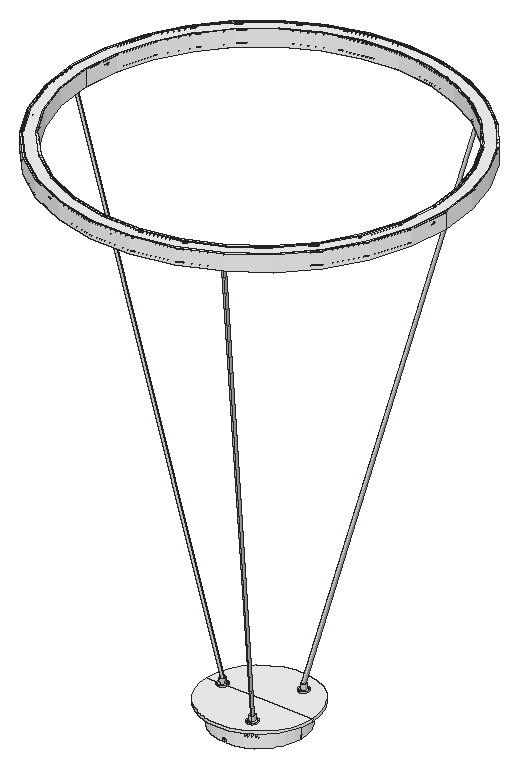
Revit family "(VRUD) Vicky RingUp & Downward Light Acoustic Light - ", category Lighting Fixtures, host Face, Revit 2020
Family settings
  Host = Face
  Round Connector Dimension = Use Diameter
  Part Type = Normal
  Cut with Voids When Loaded = No
  Light Source = Yes
  Shared = No
  Room Calculation Point = No
Parameters (values of type "VRUD-8035-40901-ACPMK-WH")
  Wattage Comments = "80 W"
  Wattage = 45.7783 W
  built-in parameter 1150110 = 1 (stored number, unit not read)
  Voltage = "120-277 V"  # constant formula
  URL = "https://www.abovealllighting.com/product/LED-INDOOR-FIXTURE/Ring/VRUDVickyRingUpDownwardAcousticLight.html"
  Type Comments = "Ring Up & Downward Light Acoustic Light"  # constant formula
  built-in parameter 1114217 = 1 (stored number, unit not read)
  Tilt Angle = -90.00°
  built-in parameter 1150109 = 1 (stored number, unit not read)
  built-in parameter 1150134 = 12
  built-in parameter 1150113 = 1 (stored number, unit not read)
  Power Factor = 1
  Photometric Web File = "VRUD-8035-40901.IES"
  Order number = "16328"
  Model = "VRUD-8035-40901-ACPMK-WH"
  Manufacturer = "Above All Lighting"  # constant formula
  built-in parameter 1150105 = 541.13 (stored number, unit not read)
  Lumens = 6800 lm
  built-in parameter 1150115 = 1 (stored number, unit not read)
  Load Classification = Lighting
  built-in parameter 1150137 = (empty or 0)
  built-in parameter 1150139 = (empty or 0)
  built-in parameter 1150112 = 1 (stored number, unit not read)
  built-in parameter 1150114 = 1 (stored number, unit not read)
  Inside Body Material = none
  Inside Body = no
  Inner Diameter = (Fixture Diameter / 2) - 0' 1 77/256"  # 1' - 4 51/128"
  built-in parameter 1150132 = 2
  built-in parameter 1150102 = (empty or 0)
  built-in parameter 1150107 = 4000 (stored number, unit not read)
  built-in parameter 1150138 = (empty or 0)
  built-in parameter 1150106 = 5.4113 (stored number, unit not read)
  IP Rating = "20"  # constant formula
  H2 = Fixture Height - Canopy Height - 0' 0 67/128"  # 3' - 9 61/128"
  H1 = sqrt((B2 ^ 2) + (H2 ^ 2))  # 3' - 11.5839"
  Fixture Width = 0' - 0"
  Fixture Height = 4' - 0"  # constant formula
  Fixture Diameter = 2' - 11 51/128"
  Finish/Color = Aluminum
  built-in parameter 1150104 = 13.8 (stored number, unit not read)
  Dimming Lamp Color Temperature Shift = <None>
  Dimming / Control = "0-10V"  # constant formula
  Description = "The Vicky Ring light is a unique ring-style light with an LED light source illuminating up & downward"  # constant formula
  Default Elevation = 0' - 0"
  D2 = D1 - 0' 1 1/2"  # 0' - 3 1/2"
  D1 = 0' - 5"
  Color Filter = 16777215
  Canopy Height = 0' - 2"
  CRI = "90"  # constant formula
  built-in parameter 1114218 = 1 (stored number, unit not read)
  B2 = B1 - B  # 1' - 2 1/256"
  B1 = (Fixture Diameter / 2) - 0' 0 25/128"  # 1' - 5 129/256"
  B = D1 - 0' 1 1/2"  # 0' - 3 1/2"
  Average life based on 77F(HRS) = "50000"  # constant formula
  built-in parameter 1150133 = 10 (stored number, unit not read)
  Apparent Load = 100 VA
Types (8): name | Wattage Comments | Wattage | URL | built-in parameter 1150134 | Photometric Web File | Order number | Model | built-in parameter 1150105 | Lumens | Inner Diameter | built-in parameter 1150107 | built-in parameter 1150106 | H1 | Fixture Diameter | built-in parameter 1150104 | Default Elevation | D2 | D1 | B2 | B1 | B | Apparent Load
  (no name) | "80 W" | 45.7783 W | "https://www.abovealllighting.com/product/LED-INDOOR-FIXTURE/Ring/VRUDVickyRingUpDownwardAcousticLight.html" | 12 | "VRUD-8035-40901.IES" | "16328" | "VRUD-8035-40901-ACPMK-WH" | 541.13 (stored number, unit not read) | 6800 lm | 1' - 4 51/128" | 4000 (stored number, unit not read) | 5.4113 (stored number, unit not read) | 3' - 11.5839" | 2' - 11 51/128" | 13.8 (stored number, unit not read) | 0' - 0" | 0' - 3 1/2" | 0' - 5" | 1' - 2 1/256" | 1' - 5 129/256" | 0' - 3 1/2" | 100 VA
  VRUD-13559-30901-ACPMK-WH | "135 W" | 76.746 W | "https://www.abovealllighting.com/product/LED-INDOOR-FIXTURE/Ring/VRUDVickyRingUpDownwardAcousticLight.html" | (empty or 0) | "VRUD-13559-30901.ies" | "16330" | "VRUD-13559-40901-ACPMK-WH" | 907.18 (stored number, unit not read) | 11400 lm | 2' - 4 1/4" | 3000 (stored number, unit not read) | 9.0718 (stored number, unit not read) | 4' - 4.31274" | 4' - 11 13/128" | 13.8 (stored number, unit not read) | 0' - 3 1/2" | 0' - 3 1/2" | 0' - 5" | 2' - 1 219/256" | 2' - 5 91/256" | 0' - 3 1/2" | 168.75 VA
  VRUD-8035-40901-ACPMK-WH | "80 W" | 45.7783 W | "https://www.abovealllighting.com/product/LED-INDOOR-FIXTURE/Ring/VRUDVickyRingUpDownwardAcousticLight.html" | 12 | "VRUD-8035-40901.IES" | "16328" | "VRUD-8035-40901-ACPMK-WH" | 541.13 (stored number, unit not read) | 6800 lm | 1' - 4 51/128" | 4000 (stored number, unit not read) | 5.4113 (stored number, unit not read) | 3' - 11.5839" | 2' - 11 51/128" | 13.8 (stored number, unit not read) | 0' - 0" | 0' - 3 1/2" | 0' - 5" | 1' - 2 1/256" | 1' - 5 129/256" | 0' - 3 1/2" | 100 VA
  VRUD-12047-30901-ACPMK-WH | "120W" | 68.6675 W | "https://www.abovealllighting.com/product/LED-INDOOR-FIXTURE/Ring/VRUDVickyRingUpDownwardAcousticLight.html" | (empty or 0) | "VRUD-12047-30901.ies" | "16329" | "VRUD-12047-40901-ACPMK-WH" | 811.69 (stored number, unit not read) | 10200 lm | 1' - 10.29883" | 3000 (stored number, unit not read) | 8.1169 (stored number, unit not read) | 4' - 1.6417" | 3' - 11 51/256" | 13.8 (stored number, unit not read) | 0' - 0" | 0' - 3 1/2" | 0' - 5" | 1' - 7.9043" | 1' - 11.4043" | 0' - 3 1/2" | 150 VA
  VRUD-6524-30901-ACPMK-WH | "65 W" | 37.0266 W | "https://www.abovealllighting.com/product/LED-INDOOR-FIXTURE/Ring/VRUDVickyRingUpDownwardAcousticLight.html" | (empty or 0) | "VRUD-6524-30901.ies" | "16327" | "VRUD-6524-40901-ACPMK-WH" | 437.68 (stored number, unit not read) | 5500 lm | 0' - 10 1/2" | 3000 (stored number, unit not read) | 4.3768 (stored number, unit not read) | 3' - 10.19325" | 1' - 11 77/128" | 13.8 (stored number, unit not read) | 0' - 0" | 0' - 3 1/2" | 0' - 5" | 0' - 8 27/256" | 0' - 11 155/256" | 0' - 3 1/2" | 81.25 VA
  VRUD-15079-40901-ACPMK-WH | "150W" | 85.8343 W | "https://www.abovealllighting.com/product/LED-INDOOR-FIXTURE/Ring/VRUDVickyRingUpDownwardAcousticLight.html" | 12 | "generic.ies" | "16331" | "VRUD-15079-40901-ACPMK-WH" | 1014.6 (stored number, unit not read) | 12750 lm | 3' - 2.09961" | 4000 (stored number, unit not read) | 10.146 (stored number, unit not read) | 4' - 8.60521" | 6' - 6 205/256" | 13.8 (stored number, unit not read) | 0' - 3 1/2" | 0' - 5 1/2" | 0' - 7" | 2' - 9.70508" | 3' - 3.20508" | 0' - 5 1/2" | 187.5 VA
  VRUD-300118-40901-ACPMK-WH | "300 W" | 171.669 W | "https://www.abovealllighting.com/product/LED-INDOOR-FIXTURE/Ring/VRUDVickyRingUpDownwardAcousticLight.html" | 12 | "generic.ies" | "16332" | "VRUD-300118-40901-ACPMK-WH" | 2029.2 (stored number, unit not read) | 25500 lm | 4' - 9 3/4" | 4000 (stored number, unit not read) | 20.292 (stored number, unit not read) | 5' - 8.59666" | 9' - 10 13/128" | 13.8 (stored number, unit not read) | 0' - 0" | 0' - 7 1/2" | 0' - 9" | 4' - 3 91/256" | 4' - 10 219/256" | 0' - 7 1/2" | 375 VA
  VRUD-480197-40901-ACPMK-WH | "480 W" | 1.2 W | "https://www.abovealllighting.com/product/LED-INDOOR-FIXTURE/Ring/VRDVickyRingDownwardLight.html" | 12 | "generic.ies" | "16333" | "VRUD-480197-40901-ACPMK-WH" | 3246.8 (stored number, unit not read) | 40800 lm | 8' - 1 19/128" | 4000 (stored number, unit not read) | 32.468 (stored number, unit not read) | 8' - 4.6175" | 16' - 4 115/128" | 3158.7 (stored number, unit not read) | 0' - 3 1/2" | 0' - 8 1/2" | 0' - 10" | 7' - 5 193/256" | 8' - 2 65/256" | 0' - 8 1/2" | 600 VA
Reference planes (in)
  plane 1 "Center (Front/Back)": y = 0
  plane 2: z = 0
  plane 3 "Center (Left/Right)": x = 0
  plane 4: z = 48
  plane 5: z = 2
  plane 6: x = -3.5
  plane 7: x = -17.50391
  plane 8: z = 49.5
  plane 9: y = -17.50391
  plane 10: y = 17.50391
  plane 11: y = 3.5
  plane 12: y = -3.5
  plane 13: through (0, 0, 48) normal (0.866, 0.5, 0)
  plane 14: through (3.45221, -5.9794, 48) normal (-0.5, 0.866, 0)
Forms (in)
  Revolve 1, solid, material "Aluminum" <- "Finish/Color"
    sketch origin (0, 0, 0) x (1, 0, 0) y (0, 0, 1)
      loop
        line (0, 2) -> (-5, 2) -> (-5, 1.75) -> (-4, 1.75) -> (-4, 0) -> (-3.5, 0) -> (-3.5, 1.75) -> (0, 1.75) -> (0, 2)
      axis (0, 2) -> (0, 0)
    angle from 0 to 360
  Extrusion 2, void
    sketch origin (0, 0, 0) x (1, 0, 0) y (0, 0, 1)
      loop
        line (1.54492, 0.93157) -> (1.65045, 0.93157)
        arc (1.65045, 0.93157) -> (1.66515, 0.93766) -> (1.67124, 0.95236) r 0.02079
        line (1.67124, 0.95236) -> (1.67124, 1.5478)
        arc (1.67124, 1.5478) -> (1.66528, 1.5622) -> (1.65088, 1.56816) r 0.02036
        line (1.65088, 1.56816) -> (1.5441, 1.56816)
        arc (1.5441, 1.56816) -> (1.53013, 1.56238) -> (1.52434, 1.5484) r 0.01976
        line (1.52434, 1.5484) -> (1.52434, 0.95215)
        arc (1.52434, 0.95215) -> (1.53037, 0.9376) -> (1.54492, 0.93157) r 0.02058
      loop
        line (1.79492, 0.93157) -> (1.90045, 0.93157)
        arc (1.90045, 0.93157) -> (1.91515, 0.93766) -> (1.92124, 0.95236) r 0.02079
        line (1.92124, 0.95236) -> (1.92124, 1.5478)
        arc (1.92124, 1.5478) -> (1.91528, 1.5622) -> (1.90088, 1.56816) r 0.02036
        line (1.90088, 1.56816) -> (1.7941, 1.56816)
        arc (1.7941, 1.56816) -> (1.78013, 1.56238) -> (1.77434, 1.5484) r 0.01976
        line (1.77434, 1.5484) -> (1.77434, 0.95215)
        arc (1.77434, 0.95215) -> (1.78037, 0.9376) -> (1.79492, 0.93157) r 0.02058
      loop
        line (2.04492, 0.93157) -> (2.15045, 0.93157)
        arc (2.15045, 0.93157) -> (2.16515, 0.93766) -> (2.17124, 0.95236) r 0.02079
        line (2.17124, 0.95236) -> (2.17124, 1.5478)
        arc (2.17124, 1.5478) -> (2.16528, 1.5622) -> (2.15088, 1.56816) r 0.02036
        line (2.15088, 1.56816) -> (2.0441, 1.56816)
        arc (2.0441, 1.56816) -> (2.03013, 1.56238) -> (2.02434, 1.5484) r 0.01976
        line (2.02434, 1.5484) -> (2.02434, 0.95215)
        arc (2.02434, 0.95215) -> (2.03037, 0.9376) -> (2.04492, 0.93157) r 0.02058
      loop
        line (2.29492, 0.93157) -> (2.40045, 0.93157)
        arc (2.40045, 0.93157) -> (2.41515, 0.93766) -> (2.42124, 0.95236) r 0.02079
        line (2.42124, 0.95236) -> (2.42124, 1.5478)
        arc (2.42124, 1.5478) -> (2.41528, 1.5622) -> (2.40088, 1.56816) r 0.02036
        line (2.40088, 1.56816) -> (2.2941, 1.56816)
        arc (2.2941, 1.56816) -> (2.28013, 1.56238) -> (2.27434, 1.5484) r 0.01976
        line (2.27434, 1.5484) -> (2.27434, 0.95215)
        arc (2.27434, 0.95215) -> (2.28037, 0.9376) -> (2.29492, 0.93157) r 0.02058
    from 0 to 20.83856
  Extrusion 3, void
    sketch origin (0, 0, 0) x (1, 0, 0) y (0, 0, 1)
      loop
        line (0, 0) -> (0.08323, 0) -> (0.08323, 0.26156) -> (0.08323, 0.35543) -> (-0.30219, 0.35543) -> (-0.30219, 0.23813) -> (-0.08323, 0.23813) -> (-0.08323, 0) -> (0, 0)
    from -19.89805 to 22.49483
  Extrusion 4, void
    sketch origin (2.25749, -0.20497, 0) x (0.008711, -0.999962, 0) y (0, 0, 1)
      loop
        line (0, 0) -> (0.08323, 0) -> (0.08323, 0.26156) -> (0.08323, 0.35543) -> (-0.30219, 0.35543) -> (-0.30219, 0.23813) -> (-0.08323, 0.23813) -> (-0.08323, 0) -> (0, 0)
    from -18.61827 to 21.80579
Cuts and joins
  Extrusion 2, Extrusion 3, Extrusion 4 cuts Revolve 1
Dimensions and locks (in)
  locked: Revolve 1 sketch curve to Revolve 1 sketch curve at 0.25  (x2)
  locked: Revolve 1 sketch curve to Revolve 1 sketch curve at 0.5
  "D1": plane 3 "Center (Left/Right)" to Revolve 1 sketch curve
  "D2": plane 3 "Center (Left/Right)" to Revolve 1 sketch curve
  "Canopy Height": plane 5 to plane 2
  "B": plane 3 "Center (Left/Right)" to plane 6
  "B1": plane 3 "Center (Left/Right)" to plane 7
  "Fixture Height": plane 4 to plane 2
  locked: plane 8 to plane 4 at 1.5
  locked: plane 1 "Center (Front/Back)" to plane 12 at 3.5
  locked: plane 11 to plane 1 "Center (Front/Back)" at 3.5
  "B1": plane 1 "Center (Front/Back)" to plane 9
  "B1": plane 10 to plane 1 "Center (Front/Back)"
  locked: nested 1 to plane 13 (angle 30.00°)
  locked: plane 13 to plane 14 (angle 90.00°)
  aligned and locked: plane 2 to host face
  aligned and locked: level to host face
  aligned and locked: Revolve 1 sketch curve to plane 3 "Center (Left/Right)"
  aligned and locked: Revolve 1 sketch curve to level
  aligned and locked: Extrusion 2 to plane 1 "Center (Front/Back)"
  aligned and locked: plane 4 to nested 1
  aligned and locked: plane 3 "Center (Left/Right)" to nested 1
  aligned and locked: nested 1 to plane 4
  aligned and locked: plane 3 "Center (Left/Right)" to nested 2
  aligned and locked: plane 1 "Center (Front/Back)" to nested 2
  aligned and locked: nested 2 to plane 5
  aligned and locked: plane 4 to imposter light
  aligned and locked: nested 2 to imposter light
Automatic sketch dimensions
  host sketch curve to host sketch curve = 8' - 0"  (x2)
  Extrusion 2 sketch curve to plane 5 = 0' - 0.4516"
  plane 3 "Center (Left/Right)" to Extrusion 2 sketch curve = 0' - 1.52434"
  Extrusion 2 sketch curve to Extrusion 2 sketch curve = 0' - 0.01976"  (x4)
  Extrusion 2 sketch curve to Extrusion 2 sketch curve = 0' - 0.02058"  (x4)
  Extrusion 2 sketch curve to Extrusion 2 sketch curve = 0' - 0.10554"  (x4)
  Extrusion 2 sketch curve to Extrusion 2 sketch curve = 0' - 0.10678"  (x4)
  Extrusion 2 sketch curve to Extrusion 2 sketch curve = 0' - 0.02079"  (x3)
  Extrusion 2 sketch curve to Extrusion 2 sketch curve = 0' - 0.10309"  (x3)
  Extrusion 2 sketch curve to Extrusion 2 sketch curve = 0' - 0.02036"
  Extrusion 2 sketch curve to plane 5 = 0' - 0.4522"
  Extrusion 2 sketch curve to Extrusion 2 sketch curve = 0' - 0.0006"  (x2)
  Extrusion 2 sketch curve to Extrusion 2 sketch curve = 0' - 0.59604"
  Extrusion 2 sketch curve to Extrusion 2 sketch curve = 0' - 0"  (x2)
  Extrusion 2 sketch curve to Extrusion 2 sketch curve = 0' - 0.00021"
  Extrusion 3 sketch curve to level = 0' - 0"
  Extrusion 3 sketch curve to plane 3 "Center (Left/Right)" = 0' - 0"
  Extrusion 3 sketch curve to Extrusion 3 sketch curve = 0' - 0.08323"
  Extrusion 3 sketch curve to Extrusion 3 sketch curve = 0' - 0.21896"
  plane 3 "Center (Left/Right)" to Extrusion 3 sketch curve = 0' - 0.08323"
  level to Extrusion 3 sketch curve = 0' - 0.23813"
  Extrusion 3 sketch curve to Extrusion 3 sketch curve = 0' - 0 3/128"
  Extrusion 3 sketch curve to Extrusion 3 sketch curve = 0' - 0.1173"
  Extrusion 4 sketch curve to level = 0' - 0"
  level to Extrusion 4 sketch curve = 0' - 0.35543"
  Extrusion 4 sketch curve to Extrusion 4 sketch curve = 0' - 0.21896"
  Extrusion 4 sketch curve to Extrusion 4 sketch curve = 0' - 0.08323"  (x2)
  Extrusion 4 sketch curve to Extrusion 4 sketch curve = 0' - 0.1173"
  Extrusion 4 sketch curve to Extrusion 4 sketch curve = 0' - 0.09386"
  Revolve 1 sketch curve to plane 3 "Center (Left/Right)" = 0' - 0"
  Revolve 1 sketch curve to level = 0' - 0"
  Revolve 1 sketch curve to plane 5 = 0' - 0"  (x2)
Nested families (in)
  nested 1: "Family2" at (0, 0, 48), Fixture Diameter <- "Fixture Diameter", FINISH <- "Finish/Color", type "Family2"
    with Fixture Diameter 2' - 11 51/128", FINISH Aluminum
  nested 2: "Family7" at (0, 0, 2), BR <- "B", D2 <- "B1", Suspender Length <- "H2", Body Material <- "Finish/Color", type "Family7"
    with Suspender Length 3' - 9 61/128", No. of Bolt 3, D2 1' - 5 129/256", Body Material Aluminum, BR 0' - 3 1/2"
Connectors (in)
  electrical at (0, 0, 0), driven by "Load Classification", driven by "Apparent Load", driven by "Power Factor"
    settings: on host face, index 1, voltage 0 V, apparent load 100 VA, apparent load phase1 0 VA, apparent load phase2 0 VA, apparent load phase3 0 VA, power factor 1, load classification "Lighting", number of poles 1, system type 30, power factor state 1, is connector primary yes, connector utility no, sub classification motor no, connector description ""
Definition of nested family "Family2"
  Parameters (values of type "Family2")
    Fixture Diameter [instance] = 1' - 11.6"
    FINISH [instance] = none
    Default Elevation = 0' - 0"
  Reference planes (in)
    plane 1 "Center (Front/Back)": y = 0
    plane 2: z = 0
    plane 3 "Center (Left/Right)": x = 0
  Forms (in)
    Sweep 1, solid, material <- "FINISH"
      path origin (0, 0, 0) x (1, 0, 0) y (0, 1, 0)
        loop
          circle (0, 0) r 11.8
      profile origin (0, 11.8, 0) x (0, -1, 0) y (0, 0, 1)
        loop
          line (1.3, 0) -> (1.3, 1.5) -> (1.19276, 1.5) -> (1.15086, 1.46484) -> (1.02519, 1.46484) -> (0.65, 1.46484) -> (0.27481, 1.46484) -> (0.14914, 1.46484) -> (0.10724, 1.5) -> (0, 1.5) -> (0, 0) -> (0.10724, 0) -> (0.14914, 0.03516) -> (0.27481, 0.03516) -> (0.65, 0.03516) -> (1.02519, 0.03516) -> (1.15086, 0.03516) -> (1.19276, 0) -> (1.3, 0)
        loop
          line (1.175, 0.96875) -> (0.81492, 0.96875) -> (0.81492, 1.09375) -> (1.175, 1.09375) -> (1.175, 1.28341) -> (1.14865, 1.30186) -> (1.175, 1.32398) -> (1.175, 1.36011) -> (1.10988, 1.36011) -> (1.10988, 1.39844) -> (0.65, 1.39844) -> (0.19012, 1.39844) -> (0.19012, 1.36011) -> (0.125, 1.36011) -> (0.125, 1.32398) -> (0.15135, 1.30186) -> (0.125, 1.28341) -> (0.125, 1.09375) -> (0.48508, 1.09375) -> (0.48508, 0.96875) -> (0.125, 0.96875) -> (0.125, 0.78906) -> (0.65, 0.78906) -> (1.175, 0.78906) -> (1.175, 0.96875)
        loop
          line (1.175, 0.66406) -> (0.65, 0.66406) -> (0.125, 0.66406) -> (0.125, 0.50781) -> (0.65, 0.50781) -> (1.175, 0.50781) -> (1.175, 0.66406)
        loop
          line (1.175, 0.38281) -> (0.65, 0.38281) -> (0.125, 0.38281) -> (0.125, 0.21659) -> (0.15135, 0.19814) -> (0.125, 0.17602) -> (0.125, 0.13989) -> (0.19012, 0.13989) -> (0.19012, 0.10156) -> (0.65, 0.10156) -> (1.10988, 0.10156) -> (1.10988, 0.13989) -> (1.175, 0.13989) -> (1.175, 0.17602) -> (1.14865, 0.19814) -> (1.175, 0.21659) -> (1.175, 0.38281)
        loop
          line (1.175, 0.04966) -> (1.175, 0.08691) -> (0.125, 0.08691) -> (0.125, 0.04966) -> (1.175, 0.04966)
        loop
          line (0.46192, 0.99068) -> (0.46192, 1.07677) -> (0.11163, 1.07677) -> (0.11163, 1.28294) -> (0.13914, 1.3022) -> (0.11163, 1.32528) -> (0.11163, 1.47752) -> (0.0209, 1.47752) -> (0.0209, 1.10515) -> (0.0209, 0.02248) -> (0.11163, 0.02248) -> (0.11163, 0.17472) -> (0.13914, 0.1978) -> (0.11163, 0.21706) -> (0.11163, 0.39868) -> (1.19087, 0.39868) -> (1.19087, 0.2182) -> (1.16521, 0.20023) -> (1.19087, 0.1787) -> (1.19087, 0.02248) -> (1.27345, 0.02248) -> (1.27345, 1.13071) -> (1.27345, 1.47752) -> (1.19087, 1.47752) -> (1.19087, 1.3213) -> (1.16521, 1.29977) -> (1.19087, 1.2818) -> (1.19087, 1.07677) -> (0.83681, 1.07677) -> (0.83681, 0.99068) -> (1.19087, 0.99068) -> (1.19087, 0.76382) -> (0.11163, 0.76382) -> (0.11163, 0.99068) -> (0.46192, 0.99068)
        loop
          line (1.19087, 0.48692) -> (1.19087, 0.68089) -> (0.11163, 0.68089) -> (0.11163, 0.48692) -> (1.19087, 0.48692)
        loop
          line (1.175, 1.45034) -> (0.125, 1.45034) -> (0.125, 1.41309) -> (1.175, 1.41309) -> (1.175, 1.45034)
  Dimensions and locks (in)
    "Fixture Diameter": diameter of Sweep 1 sketch curve
    aligned and locked: plane 2 to level
  Automatic sketch dimensions
    Sweep 1 sketch curve to level = 0' - 0"  (x2)
    Sweep 1 sketch curve to profile plane = 0' - 0"
    Sweep 1 sketch curve to profile plane = 0' - 0.0209"
    Sweep 1 sketch curve to Sweep 1 sketch curve = 0' - 0.08634"  (x2)
    Sweep 1 sketch curve to Sweep 1 sketch curve = 0' - 0.00439"
    Sweep 1 sketch curve to profile plane = 0' - 0.11163"  (x3)
    Sweep 1 sketch curve to Sweep 1 sketch curve = 0' - 0"  (x10)
    Sweep 1 sketch curve to Sweep 1 sketch curve = 0' - 0.01337"  (x8)
    Sweep 1 sketch curve to Sweep 1 sketch curve = 0' - 0.01414"  (x2)
    Sweep 1 sketch curve to Sweep 1 sketch curve = 0' - 0.02414"  (x2)
    Sweep 1 sketch curve to Sweep 1 sketch curve = 0' - 0.01222"  (x2)
    Sweep 1 sketch curve to Sweep 1 sketch curve = 0' - 0.06512"  (x2)
    Sweep 1 sketch curve to Sweep 1 sketch curve = 0' - 0.0847"  (x4)
    level to Sweep 1 sketch curve = 0' - 0 9/256"
    Sweep 1 sketch curve to Sweep 1 sketch curve = 0' - 0.33692"
    Sweep 1 sketch curve to Sweep 1 sketch curve = 0' - 0.02316"
    Sweep 1 sketch curve to Sweep 1 sketch curve = 0' - 0.37519"  (x4)
    Sweep 1 sketch curve to Sweep 1 sketch curve = 0' - 0.16492"
    Sweep 1 sketch curve to Sweep 1 sketch curve = 0' - 0.32983"
    Sweep 1 sketch curve to Sweep 1 sketch curve = 0' - 0.02189"
    Sweep 1 sketch curve to Sweep 1 sketch curve = 0' - 0.03876"  (x2)
    level to Sweep 1 sketch curve = 0' - 0.19814"
    Sweep 1 sketch curve to Sweep 1 sketch curve = 0' - 0.04098"  (x2)
    Sweep 1 sketch curve to Sweep 1 sketch curve = 0' - 0.01656"  (x2)
    level to Sweep 1 sketch curve = 0' - 0.20023"
    level to Sweep 1 sketch curve = 0' - 0.17602"
    Sweep 1 sketch curve to Sweep 1 sketch curve = 0' - 0.00979"  (x4)
    Sweep 1 sketch curve to Sweep 1 sketch curve = 0' - 0.33819"
    Sweep 1 sketch curve to Sweep 1 sketch curve = 0' - 0.01587"  (x6)
    Sweep 1 sketch curve to Sweep 1 sketch curve = 0' - 0.00189"  (x2)
    Sweep 1 sketch curve to Sweep 1 sketch curve = 0' - 0.08258"
    Sweep 1 sketch curve to Sweep 1 sketch curve = 0' - 0.02655"
    level to Sweep 1 sketch curve = 0' - 0.02248"  (x2)
    Sweep 1 sketch curve to Sweep 1 sketch curve = 0' - 0.0145"  (x2)
    Sweep 1 sketch curve to Sweep 1 sketch curve = 0' - 0.03726"  (x2)
    Sweep 1 sketch curve to Sweep 1 sketch curve = 0' - 0.01465"
    Sweep 1 sketch curve to Sweep 1 sketch curve = 0' - 0.05297"  (x2)
    Sweep 1 sketch curve to Sweep 1 sketch curve = 0' - 0.03614"  (x2)
    Sweep 1 sketch curve to Sweep 1 sketch curve = 0' - 0.03483"
    Sweep 1 sketch curve to Sweep 1 sketch curve = 0' - 0.00131"  (x2)
    Sweep 1 sketch curve to Sweep 1 sketch curve = 0' - 0.00268"  (x2)
    Sweep 1 sketch curve to Sweep 1 sketch curve = 0' - 0.02177"  (x2)
    Sweep 1 sketch curve to Sweep 1 sketch curve = 0' - 0.00034"  (x2)
    Sweep 1 sketch curve to Sweep 1 sketch curve = 0' - 0.01879"
    Sweep 1 sketch curve to Sweep 1 sketch curve = 0' - 0.01636"  (x2)
    Sweep 1 sketch curve to Sweep 1 sketch curve = 0' - 0.00047"  (x2)
    Sweep 1 sketch curve to Sweep 1 sketch curve = 0' - 0.00161"  (x2)
    Sweep 1 sketch curve to Sweep 1 sketch curve = 0' - 0.16622"
    Sweep 1 sketch curve to Sweep 1 sketch curve = 0' - 0.01586"
    Sweep 1 sketch curve to Sweep 1 sketch curve = 0' - 0.08824"
    Sweep 1 sketch curve to Sweep 1 sketch curve = 0' - 0 1/8"
    Sweep 1 sketch curve to Sweep 1 sketch curve = 0' - 0 5/32"
    Sweep 1 sketch curve to Sweep 1 sketch curve = 0' - 0.01682"
    Sweep 1 sketch curve to Sweep 1 sketch curve = 0' - 0.08293"
    Sweep 1 sketch curve to Sweep 1 sketch curve = 0' - 0.02524"
    Sweep 1 sketch curve to Sweep 1 sketch curve = 0' - 0 23/128"  (x2)
    Sweep 1 sketch curve to Sweep 1 sketch curve = 0' - 0.02193"  (x2)
    Sweep 1 sketch curve to Sweep 1 sketch curve = 0' - 0.08609"  (x2)
    Sweep 1 sketch curve to Sweep 1 sketch curve = 0' - 0.01698"  (x2)
    Sweep 1 sketch curve to Sweep 1 sketch curve = 0' - 0.0114"
    Sweep 1 sketch curve to Sweep 1 sketch curve = 0' - 0.03696"
    Sweep 1 sketch curve to Sweep 1 sketch curve = 0' - 0.15109"
    Sweep 1 sketch curve to Sweep 1 sketch curve = 0' - 0.1778"
    Sweep 1 sketch curve to Sweep 1 sketch curve = 0' - 0.01845"
    Sweep 1 sketch curve to Sweep 1 sketch curve = 0' - 0.0021"
    Sweep 1 sketch curve to Sweep 1 sketch curve = 0' - 0.02153"
    Sweep 1 sketch curve to Sweep 1 sketch curve = 0' - 0.05825"
    Sweep 1 sketch curve to Sweep 1 sketch curve = 0' - 0 39/128"
    Sweep 1 sketch curve to Sweep 1 sketch curve = 0' - 0.02718"  (x2)
    Sweep 1 sketch curve to Sweep 1 sketch curve = 0' - 0.02248"  (x2)
    plane 1 "Center (Front/Back)" to Sweep 1 sketch curve = 0' - 0"
    Sweep 1 sketch curve to plane 3 "Center (Left/Right)" = 0' - 0"
Definition of nested family "Family7"
  Parameters (values of type "Family7")
    Suspender Length [instance] = 3' - 0"
    No. of Bolt [instance] = 3
    Default Elevation = 0' - 0"
    D2 [instance] = 3' - 0"
    Body Material [instance] = none
    BR [instance] = 0' - 10"
  Reference planes (in)
    plane 1 "Center (Front/Back)": y = 0
    plane 2: z = 0
    plane 3 "Center (Left/Right)": x = 0
    plane 4: z = 0.52531
  Dimensions and locks (in)
    locked: plane 4 to plane 2 at 0.52531
    "BR": radius of radial array
    aligned and locked: plane 2 to level
    aligned and locked: plane 4 to nested 4
  Nested families (in)
    nested 1: "Family6" at (-10, 0, 0), type "Family6"
    nested 2: "Family6" at (5, -8.66025, 0) x (-0.5, 0.866, 0) z (0, 0, 1), type "Family6"
    nested 3: "Family6" at (5, 8.66025, 0) x (-0.5, -0.866, 0) z (0, 0, 1), type "Family6"
    nested 4: "Family5" at (0, 0, 0.5985), A1 <- "BR", D2 <- "D2", Suspender Height <- "Suspender Length", type "Family5"
      with Suspender Height 3' - 0", H1 3' - 8.40721", D3 2' - 2", D2 3' - 0", A1 0' - 10"
    nested 5: "Family5" at (0, 0, 0.5985) x (-0.5, 0.866, 0) z (0, 0, 1), A1 <- "BR", D2 <- "D2", Suspender Height <- "Suspender Length", type "Family5"
      with Suspender Height 3' - 0", H1 3' - 8.40721", D3 2' - 2", D2 3' - 0", A1 0' - 10"
    nested 6: "Family5" at (0, 0, 0.5985) x (-0.5, -0.866, 0) z (0, 0, 1), A1 <- "BR", D2 <- "D2", Suspender Height <- "Suspender Length", type "Family5"
      with Suspender Height 3' - 0", H1 3' - 8.40721", D3 2' - 2", D2 3' - 0", A1 0' - 10"
  Definition of nested family "Family6"
    Parameters
      Default Elevation = 0' - 0"
    Reference planes (in)
      plane 1 "Center (Front/Back)": y = 0
      plane 2: z = 0
      plane 3 "Center (Left/Right)": x = 0
    Forms (in)
      Revolve 1, solid
        sketch origin (0, 0, 0) x (1, 0, 0) y (0, 0, 1)
          loop
            line (0, 0) -> (0, 0.52531) -> (-0.25155, 0.52531) -> (-0.25155, 0.15262)
            arc (-0.25155, 0.15262) -> (-0.27805, 0.08864) -> (-0.34203, 0.06214) r 0.09048
            line (-0.34203, 0.06214) -> (-0.4769, 0.06214) -> (-0.4769, 0) -> (0, 0)
          axis (0, 0) -> (0, 0.52531)
        angle from 0 to 360
    Lines and regions (in)
      model lines
        curve 1: line (0, 0, 0.52531) -> (0, 0, 0)
    Dimensions and locks (in)
      aligned and locked: plane 2 to level
  Definition of nested family "Family5"
    Parameters (values of type "Family5")
      Suspender Height [instance] = 2' - 3.30679"
      H1 [instance] = sqrt(D3 ^ 2 + Suspender Height ^ 2)  # 3' - 1.49148"
      Default Elevation = 0' - 0"
      D3 [instance] = D2 - A1  # 2' - 1.6895"
      D2 [instance] = 3' - 0"
      A1 [instance] = 0' - 10.3105"
    Reference planes (in)
      plane 1 "Center (Front/Back)": y = 0
      plane 2: z = 0
      plane 3 "Center (Left/Right)": x = 0
      plane 4: x = -36
      plane 5: x = -10.3105
      plane 6: z = 27.30679
      plane 7: through (-10.3105, -180, 0) normal (-0.7071, 0, 0.7071)
    Forms (in)
      Sweep 1, solid
        path origin (0, 0, 0) x (1, 0, 0) y (0, 0, 1)
          loop
            line (-10.3105, 0) -> (-36, 27.30679)
        profile origin (-23.15525, 0, 13.65339) x (-0.728346, 0, -0.685209) y (0, -1, 0)
          loop
            circle (0, 0) r 0.125
    Dimensions and locks (in)
      "D2": plane 3 "Center (Left/Right)" to plane 4
      "A1": plane 3 "Center (Left/Right)" to plane 5
      "Suspender Height": plane 6 to plane 2
      "H1": Sweep 1 sketch curve to Sweep 1 sketch curve
      locked: Sweep 1 sketch curve to profile plane  (x2)
      aligned and locked: plane 2 to level
      aligned and locked: plane 2 to Sweep 1 sketch curve
      aligned and locked: plane 5 to Sweep 1 sketch curve
      aligned and locked: plane 4 to Sweep 1 sketch curve
    Automatic sketch dimensions
      radius of Sweep 1 sketch curve = 0' - 0 1/8"
